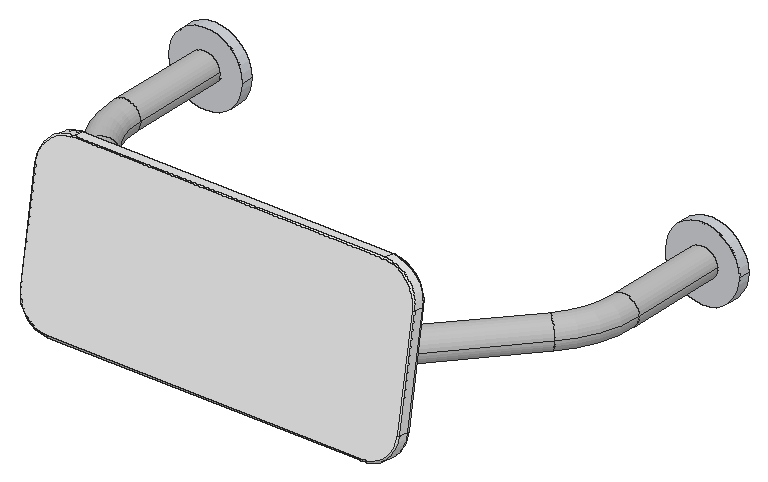
Revit family "Reece_Back Rest_Wolfen_Back Rest", category Plumbing Fixtures, Revit 2018
Family settings
  Round Connector Dimension = Use Diameter
  Part Type = Normal
  Work Plane-Based = Yes
  Always vertical = Yes
  Cut with Voids When Loaded = Yes
  Shared = No
  Room Calculation Point = No
Parameters
  URL = "https://www.reece.com.au/product/-9507171"
  Type Comments = "Back Rest"
  Reece_Product_Web Page = "https://www.reece.com.au/product/-9507171"
  Reece_Product_Type = "Back Rest"  # constant formula
  Reece_Product_Sub Brand = "-"
  Reece_Product_Number = "9507171"
  Reece_Product_Mount = "Wall Mounted"
  Reece_Product_Description = "Wolfen Back Rest with Fixed Arms White and Stainless Steel"
  Reece_Product_Brand = "Wolfen"  # constant formula
  Reece_Overall_Width = 400 mm  # constant formula
  Reece_Overall_Length = 330 mm  # constant formula
  Reece_Overall_Height = 180 mm  # constant formula
  Reece_Material_Secondary = Reece_Brass_Brushed Stainless Steel
  Reece_Material_Main = Reece_Plastic_White
  Reece_Detail_Shape = ""
  Reece_Detail_Installation = ""
  Reece_Detail_Disclaimer = "THIS FILE IS THE PROPERTY OF THE REECE GROUP. IT MAY NOT BE REPRODUCED, REVERSE-ENGINEERED OR MODIFIED. ANY REPUBLICATION, TRANSMISSION OR DISTRIBUTION FOR THE PURPOSE OF COMMERCIALLY EXPLOITING THE FILES IS PROHIBITED."  # constant formula
  Reece_Detail_Connector = ""
  Reece_Detail_Additional = ""
  Reece_Accessory_Projection = 314.5 mm  # constant formula
  Model = "-"
  Manufacturer = "Wolfen"
  Keynote = "Product #9507171, Reece_Back Rest_Wolfen_Back Rest -  "
  Disclaimer = "THIS FILE IS THE PROPERTY OF THE REECE GROUP. IT MAY NOT BE REPRODUCED, REVERSE-ENGINEERED OR MODIFIED. ANY REPUBLICATION, TRANSMISSION OR DISTRIBUTION FOR THE PURPOSE OF COMMERCIALLY EXPLOITING THE FILES IS PROHIBITED."  # constant formula
  Description = "Wolfen Back Rest with Fixed Arms White and Stainless Steel"
  Default Elevation = 0 mm
Types (2, lengths in mm): name | Keynote
  (no name) | "Product #9507171, Reece_Back Rest_Wolfen_Back Rest -  "
  White_Stainless Steel | "Product #9507171, Reece_Back Rest_Wolfen_Back Rest - White_Stainless Steel"
Reference planes
  plane 1 "Center (Front/Back)": x = 29.704
  plane 2 "Bottom Host Plane": z = 0
  plane 3 "Center (Left/Right)": y = 453.019
  plane 4: y = 453.014
  plane 5 "center": z = 85.12
  plane 6: x = 298.571
  plane 7: x = -226.429
  plane 8: y = 464.61
  plane 9: x = -185.877
  plane 10 "top": z = 180
  plane 11: x = -263.853
  plane 12: x = -169.945
  plane 13: x = 230.055
  plane 14: x = 338.043
  plane 15: x = 260.016
  plane 16: x = 224.618
  plane 17: x = -164.898
  plane 18: through (327.108, 0, 60.907) normal (0.7071, 0, 0.7071)
  plane 19: through (328.358, 0, 60.282) normal (0.7071, 0, -0.7071)
  plane 20: through (273.296, 0, 114.876) normal (0.7071, 0, -0.7071)
  plane 21: z = 101.953
  plane 22: z = 70
  plane 23: y = 134.61
  plane 24: y = 464.61
  plane 25: y = 134.61
  plane 26: x = -169.945
  plane 27: x = 230.055
  plane 28 "Angle": through (0, 163.636, 174.78) normal (0, -0.9848, 0.1736)
  plane 29: x = 201.108
  plane 30: x = 196.108
  plane 31: x = -130.925
  plane 32: x = -124.898
  plane 33: y = 150.11
Forms (mm)
  Extrusion 1, solid, material "Reece_Plastic_White" <- "Reece_Material_Main"
    sketch origin (23.421, 461.287, -111.831) x (1, 0, 0) y (0, 0.173648, 0.984808)
      loop
        line (170.684, 230.57) -> (-157.319, 230.57)
        arc (-157.319, 230.57) -> (-178.652, 221.734) -> (-187.489, 200.401) r 30.169
        line (-187.489, 200.401) -> (-187.489, 89.619)
        arc (-187.489, 89.619) -> (-179.238, 69.701) -> (-159.319, 61.45) r 28.169
        line (-159.319, 61.45) -> (172.684, 61.45)
        arc (172.684, 61.45) -> (192.57, 69.687) -> (200.807, 89.573) r 28.123
        line (200.807, 89.573) -> (200.807, 200.447)
        arc (200.807, 200.447) -> (191.984, 221.747) -> (170.684, 230.57) r 30.123
    from 329.652 to 342.898
  Extrusion 2, solid, material "Reece_Plastic_White" <- "Reece_Material_Main"
    sketch origin (23.421, 427.96, -47.593) x (1, 0, 0) y (0, 0.173648, 0.984808)
      loop
        arc (-158.319, 173.606) -> (-179.533, 164.819) -> (-188.319, 143.606) r 30
        line (-188.319, 143.606) -> (-188.319, 33.377)
        arc (-188.319, 33.377) -> (-179.611, 12.352) -> (-158.586, 3.644) r 29.734
        line (-158.586, 3.644) -> (171.04, 3.644)
        arc (171.04, 3.644) -> (192.253, 12.43) -> (201.04, 33.644) r 30
        line (201.04, 33.644) -> (201.04, 143.606)
        arc (201.04, 143.606) -> (192.253, 164.819) -> (171.04, 173.606) r 30
        line (171.04, 173.606) -> (-158.319, 173.606)
    from 282.601 to 285.589
  Extrusion 3, solid, material "Reece_Brass_Brushed Stainless Steel" <- "Reece_Material_Secondary"
    sketch origin (30.921, 439.694, -49.077) x (1, 0, 0) y (0, 0.173165, 0.984893)
      loop
        arc (110.199, 119.612) -> (106.663, 118.148) -> (105.199, 114.612) r 5
        line (105.199, 114.612) -> (105.199, 55.175)
        arc (105.199, 55.175) -> (106.663, 51.639) -> (110.199, 50.175) r 5
        line (110.199, 50.175) -> (165.187, 50.175)
        arc (165.187, 50.175) -> (168.722, 51.639) -> (170.187, 55.175) r 5
        line (170.187, 55.175) -> (170.187, 114.612)
        arc (170.187, 114.612) -> (168.722, 118.148) -> (165.187, 119.612) r 5
        line (165.187, 119.612) -> (110.199, 119.612)
      loop
        line (-96.812, 54.589) -> (-96.812, 114.6)
        arc (-96.812, 114.6) -> (-98.277, 118.135) -> (-101.812, 119.6) r 5
        line (-101.812, 119.6) -> (-156.846, 119.6)
        arc (-156.846, 119.6) -> (-160.382, 118.135) -> (-161.846, 114.6) r 5
        line (-161.846, 114.6) -> (-161.846, 54.589)
        arc (-161.846, 54.589) -> (-160.382, 51.053) -> (-156.846, 49.589) r 5
        line (-156.846, 49.589) -> (-101.812, 49.589)
        arc (-101.812, 49.589) -> (-98.277, 51.053) -> (-96.812, 54.589) r 5
    from 291.264 to 294.252
  Sweep 4, solid, material "Reece_Brass_Brushed Stainless Steel" <- "Reece_Material_Secondary"
    path origin (22.168, 435.656, 85.12) x (1, 0, 0) y (0, 1, 0)
      loop
        line (276.403, 28.951) -> (276.403, -85.981)
        arc (276.403, -85.981) -> (270.125, -120.852) -> (252.078, -151.343) r 99.974
        line (252.078, -151.343) -> (164.933, -252.202)
        arc (164.933, -252.202) -> (157.967, -264.783) -> (156.648, -279.103) r 35
    profile origin (230.674, 233.883, 85.12) x (0.756681, -0.653784, 0) y (0, 0, 1)
      loop
        circle (0, 0.803) r 16
  Sweep 5, solid, material "Reece_Plastic_White" <- "Reece_Material_Main"
    path origin (0, 430.782, -49.156) x (1, 0, 0) y (0, 0.173648, 0.984808)
      loop
        arc (-133.898, 180.022) -> (-159.387, 169.465) -> (-169.945, 143.976) r 36.046
        line (-169.945, 143.976) -> (-169.945, 33.194)
        arc (-169.945, 33.194) -> (-159.973, 9.12) -> (-135.898, -0.852) r 34.046
        line (-135.898, -0.852) -> (196.105, -0.852)
        arc (196.105, -0.852) -> (220.147, 9.107) -> (230.105, 33.148) r 34
        line (230.105, 33.148) -> (230.105, 144.022)
        arc (230.105, 144.022) -> (219.561, 169.478) -> (194.105, 180.022) r 36
        line (194.105, 180.022) -> (-133.898, 180.022)
    profile origin (30.103, 462.042, 128.131) x (0, 0.173648, 0.984808) y (0, -0.984808, 0.173648)
      loop
        arc (-0.997, 288.727) -> (-0.381, 288.982) -> (-0.126, 289.597) r 0.87
        line (-0.126, 289.597) -> (-0.126, 300.661)
        arc (-0.126, 300.661) -> (-0.511, 301.589) -> (-1.439, 301.973) r 1.313
        line (-1.439, 301.973) -> (-5.877, 301.973) -> (-5.877, 288.727) -> (-0.997, 288.727)
  Extrusion 6, void
    sketch origin (30.921, 439.694, -49.077) x (1, 0, 0) y (0, 0.173165, 0.984893)
      loop
        arc (110.199, 119.612) -> (106.663, 118.148) -> (105.199, 114.612) r 5
        line (105.199, 114.612) -> (105.199, 55.175)
        arc (105.199, 55.175) -> (106.663, 51.639) -> (110.199, 50.175) r 5
        line (110.199, 50.175) -> (165.187, 50.175)
        arc (165.187, 50.175) -> (168.722, 51.639) -> (170.187, 55.175) r 5
        line (170.187, 55.175) -> (170.187, 114.612)
        arc (170.187, 114.612) -> (168.722, 118.148) -> (165.187, 119.612) r 5
        line (165.187, 119.612) -> (110.199, 119.612)
      loop
        line (-96.812, 54.589) -> (-96.812, 114.6)
        arc (-96.812, 114.6) -> (-98.277, 118.135) -> (-101.812, 119.6) r 5
        line (-101.812, 119.6) -> (-156.846, 119.6)
        arc (-156.846, 119.6) -> (-160.382, 118.135) -> (-161.846, 114.6) r 5
        line (-161.846, 114.6) -> (-161.846, 54.589)
        arc (-161.846, 54.589) -> (-160.382, 51.053) -> (-156.846, 49.589) r 5
        line (-156.846, 49.589) -> (-101.812, 49.589)
        arc (-101.812, 49.589) -> (-98.277, 51.053) -> (-96.812, 54.589) r 5
    from 316.578 to 294.252
  Sweep 7, solid, material "Reece_Brass_Brushed Stainless Steel" <- "Reece_Material_Secondary"
    path origin (49.974, 435.656, 86.726) x (0, 1, 0) y (-1, 0, 0)
      loop
        line (28.951, 276.403) -> (-86.717, 276.403)
        arc (-86.717, 276.403) -> (-119.604, 270.529) -> (-148.425, 253.633) r 95
        line (-148.425, 253.633) -> (-251.626, 165.464)
        arc (-251.626, 165.464) -> (-259.477, 160.862) -> (-268.436, 159.262) r 25.878
        line (-268.436, 159.262) -> (-271.22, 159.262)
    profile origin (-159.574, 235.63, 86.726) x (0.760312, 0.649558, 0) y (0, 0, 1)
      loop
        circle (0, -0.803) r 16
  Sweep 8, solid
    path origin (0.83, 377.207, 85.12) x (0, 1, 0) y (-1, 0, 0)
      loop
        line (75.796, -298.211) -> (87.403, -298.211)
    profile origin (299.041, 458.807, 85.12) x (-1, 0, 0) y (0, 0, 1)
      loop
        circle (0, -0.12) r 39
  Extrusion 9, void
    sketch origin (-34.714, 703.781, 97.148) x (1, 0, 0) y (0, 0, 1)
      loop
        circle (333.27, -11.196) r 16
    from 238.278 to 250.767
  Sweep 10, solid
    path origin (-523.064, 377.207, 85.12) x (0, 1, 0) y (-1, 0, 0)
      loop
        line (75.796, -298.211) -> (87.403, -298.211)
    profile origin (-224.853, 458.807, 85.12) x (-1, 0, 0) y (0, 0, 1)
      loop
        circle (0, -0.12) r 39
  Extrusion 11, void
    sketch origin (-559.702, 703.781, 97.148) x (1, 0, 0) y (0, 0, 1)
      loop
        circle (333.27, -11.196) r 16
    from 238.278 to 250.767
Cuts and joins
  joined: Extrusion 1, Sweep 5
  Extrusion 6 cuts Sweep 4
  Extrusion 6 cuts Sweep 7
  joined: Extrusion 3, Sweep 4, Sweep 7
  Extrusion 9, Extrusion 11 cuts Sweep 8
  Extrusion 11 cuts Sweep 10
Text (mm)
  text "Reece ©" at (2995.407, -2361.336, 2660.07), in view "Reece Preview"
  text "Remove this note when saving the family.\nPlease make sure that:\n- Unused reference planes are removed\n- Images or CAD references are removed\n- Unused Parameters are removed\n- All parameters where possible are defined and unchangeable\n- Make sure to use shared parameters only\n- Make sure to always follow the naming convention\n- Make sure to update the data information" at (290.533, 49.147, -1020.679), in view "Ref. Level"
  text "Reece ©" at (290.533, 86.04, -1020.679), in view "Ref. Level"
Dimensions and locks
  level to plane 10 "top" = 180 mm  (x2)
  plane 4 to plane 8 = 11.596 mm  (x2)
  plane 11 to plane 9 = 77.976 mm
  plane 15 to plane 14 = 78.027 mm
  plane 8 to plane 4 = 11.596 mm
  locked: plane 16 to plane 17 at 389.516
  "Reece_Overall_Height": level to plane 10 "top"
  plane 19 to plane 20 = 77.538 mm  (x2)
  plane 16 to plane 17 = 389.516 mm
  plane 21 to plane 22 = 31.953 mm  (x2)
  "Reece_Overall_Length": plane 23 to plane 8
  "Reece_Overall_Length": plane 24 to plane 25
  "Reece_Overall_Width": plane 13 to plane 26
  plane 7 to plane 6 = 525 mm
  "Reece_Accessory_Projection": plane 33 to plane 8
Automatic sketch dimensions
  plane 17 to Extrusion 1 sketch curve = 0.831 mm
  Extrusion 1 sketch curve to plane 31 = 4.973 mm
  Extrusion 1 sketch curve to plane 31 = 2.973 mm
  Extrusion 1 sketch curve to plane 30 = 2.003 mm
  Extrusion 1 sketch curve to plane 30 = 0.003 mm
  Extrusion 1 sketch curve to plane 16 = 0.389 mm
  Extrusion 1 sketch curve to Extrusion 1 sketch curve = 110.782 mm
  Extrusion 2 sketch curve to plane 17 = 0 mm
  Extrusion 2 sketch curve to plane 31 = 4.239 mm
  Extrusion 2 sketch curve to plane 31 = 3.973 mm
  Extrusion 2 sketch curve to plane 30 = 1.646 mm  (x2)
  Extrusion 2 sketch curve to plane 16 = 0.156 mm
  Extrusion 2 sketch curve to Extrusion 2 sketch curve = 110.229 mm
  Extrusion 3 sketch curve to plane 31 = 0 mm
  Extrusion 3 sketch curve to plane 30 = 0 mm  (x2)
  Extrusion 3 sketch curve to plane 29 = 0 mm
  Extrusion 3 sketch curve to plane 32 = 1.027 mm  (x2)
  plane 32 to Extrusion 3 sketch curve = 54.007 mm  (x2)
  Extrusion 3 sketch curve to Extrusion 3 sketch curve = 5 mm  (x3)
  Extrusion 3 sketch curve to plane 30 = 59.988 mm
  Extrusion 3 sketch curve to Extrusion 3 sketch curve = 4.414 mm
  Extrusion 3 sketch curve to Extrusion 3 sketch curve = 60.011 mm
  Extrusion 3 sketch curve to Extrusion 3 sketch curve = 59.437 mm
  Sweep 4 sketch curve to plane 6 = 0 mm
  Sweep 4 sketch curve to plane 15 = 14.229 mm
  Sweep 4 sketch curve to plane 16 = 11.033 mm
  plane 30 to Sweep 4 sketch curve = 2.489 mm
  Sweep 4 sketch curve to plane 30 = 9.007 mm
  Sweep 4 sketch curve to Sweep 4 sketch curve = 22.882 mm
  Sweep 4 sketch curve to Sweep 4 sketch curve = 100.86 mm
  plane 8 to Sweep 4 sketch curve = 0.003 mm
  Sweep 4 sketch curve to profile plane = 0 mm
  plane 5 "center" to Sweep 4 sketch curve = 0.803 mm
  Sweep 5 sketch curve to plane 12 = 0 mm
  Sweep 5 sketch curve to plane 31 = 4.973 mm
  Sweep 5 sketch curve to plane 31 = 2.973 mm
  Sweep 5 sketch curve to plane 30 = 2.003 mm
  Sweep 5 sketch curve to plane 30 = 0.003 mm
  Sweep 5 sketch curve to plane 13 = 0.05 mm
  Sweep 5 sketch curve to Sweep 5 sketch curve = 110.782 mm
  profile plane to Sweep 5 sketch curve = 5.877 mm
  profile plane to Sweep 5 sketch curve = 1.439 mm
  profile plane to Sweep 5 sketch curve = 0.997 mm
  profile plane to Sweep 5 sketch curve = 0.126 mm
  profile plane to Sweep 5 sketch curve = 288.727 mm
  Sweep 5 sketch curve to Sweep 5 sketch curve = 11.064 mm
  Extrusion 6 sketch curve to plane 31 = 0 mm
  Extrusion 6 sketch curve to plane 30 = 0 mm  (x2)
  Extrusion 6 sketch curve to plane 29 = 0 mm
  Extrusion 6 sketch curve to plane 32 = 1.027 mm  (x2)
  plane 32 to Extrusion 6 sketch curve = 54.007 mm  (x2)
  Extrusion 6 sketch curve to Extrusion 6 sketch curve = 5 mm  (x3)
  Extrusion 6 sketch curve to plane 30 = 59.988 mm
  Extrusion 6 sketch curve to Extrusion 6 sketch curve = 4.414 mm
  Extrusion 6 sketch curve to Extrusion 6 sketch curve = 60.011 mm
  Extrusion 6 sketch curve to Extrusion 6 sketch curve = 59.437 mm
  Sweep 7 sketch curve to profile plane = 0 mm
  Sweep 7 sketch curve to profile plane = 0.803 mm
  level to Sweep 8 sketch curve = 85 mm
  Sweep 8 sketch curve to profile plane = 0 mm
  plane 8 to Sweep 8 sketch curve = 0 mm
  plane 6 to Sweep 8 sketch curve = 0.47 mm
  Sweep 8 sketch curve to plane 4 = 0.011 mm
  Extrusion 9 sketch curve to plane 15 = 38.54 mm
  level to Extrusion 9 sketch curve = 85.953 mm
  plane 8 to Sweep 10 sketch curve = 0 mm
  plane 7 to Sweep 10 sketch curve = 1.576 mm
  Sweep 10 sketch curve to plane 4 = 0.011 mm
  Sweep 10 sketch curve to profile plane = 0 mm
  Sweep 10 sketch curve to plane 5 "center" = 0.12 mm
  Extrusion 11 sketch curve to plane 7 = 0.003 mm
  plane 5 "center" to Extrusion 11 sketch curve = 0.833 mm
  plane 32 to Sweep 7 sketch curve = 15.611 mm
  plane 32 to Sweep 7 sketch curve = 9.408 mm
  Sweep 7 sketch curve to Sweep 7 sketch curve = 16.81 mm
  plane 9 to Sweep 7 sketch curve = 17.781 mm
  Sweep 7 sketch curve to Sweep 7 sketch curve = 103.202 mm
  Sweep 7 sketch curve to plane 31 = 0.503 mm
  Sweep 7 sketch curve to Sweep 7 sketch curve = 61.708 mm
  Sweep 7 sketch curve to Sweep 7 sketch curve = 2.784 mm
  plane 8 to Sweep 7 sketch curve = 0.003 mm
  Sweep 4 sketch curve to plane 4 = 103.339 mm
  Sweep 4 sketch curve to plane 30 = 17.291 mm
  Sweep 7 sketch curve to plane 4 = 104.075 mm
  radius of Sweep 4 sketch curve = 16 mm
  radius of Sweep 7 sketch curve = 16 mm
  radius of Sweep 8 sketch curve = 39 mm
  radius of Extrusion 9 sketch curve = 16 mm
  radius of Sweep 10 sketch curve = 39 mm
  radius of Extrusion 11 sketch curve = 16 mm
